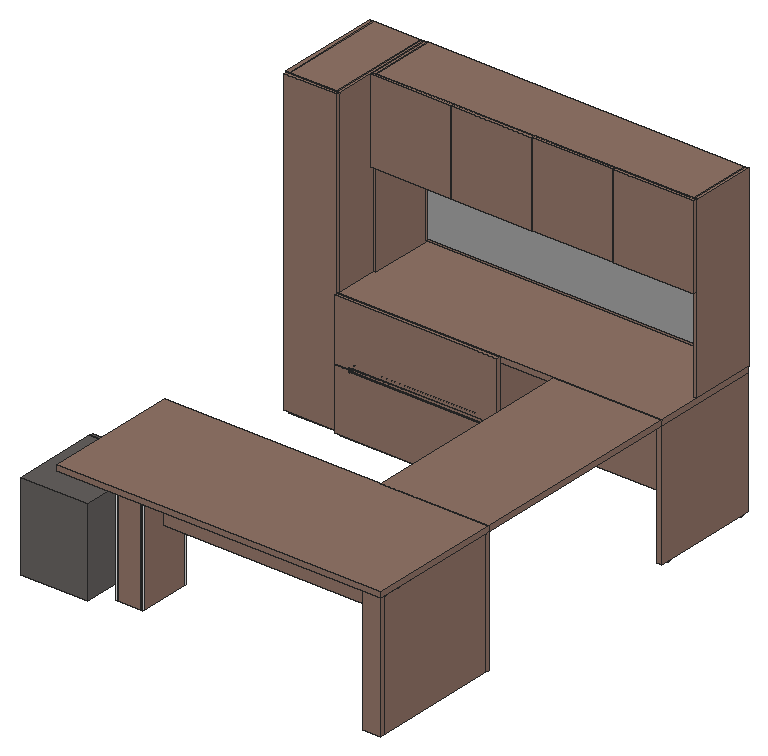
Revit family "OFS TYPICAL T100002", category Furniture, Revit 2022
Family settings
  OmniClass Number = 23.40.20.00
  OmniClass Title = General Furniture and Specialties
  Work Plane-Based = No
  Always vertical = Yes
  Cut with Voids When Loaded = No
  Render Appearance Source = Family Geometry
  Shared = No
  Room Calculation Point = No
Parameters (values of type "T100002")
  URL = "http://ofs.com/"
  Model = "T100002"
  Manufacturer = "OFS"
  Description = "OFS TYPICAL T100002"
  Default Elevation = 0' - 0"
  Copyright © = "©OFS 2024"
  Catalog = ""
  Authoring Version = "Autodesk Revit 2018"
  Assembly Code = "E2020200"
Reference planes (in)
  plane 1 "Center Front/Back": y = 0
  plane 2: z = 0
  plane 3 "Center Left/Right": x = 0
Dimensions and locks (in)
  aligned and locked: level to plane 2
Nested families (in)
  nested 1: "OFS SLATE STORAGE CABINET WARDROBE" at (-12, 0, 0), type "Storage Cabinet-Wardrobe 24.75D Left - 12W x 69H"
    with Top OFS SLATE Dark Wood, Right no, Left yes, Glides OFS SLATE Black Plastic, Door OFS SLATE Dark Wood, Case OFS SLATE Dark Wood, Base OFS SLATE Dark Wood
  nested 2: "OFS SLATE MOBILE PEDESTAL" at (3, -97, 0) x (-1, 0, 0) z (0, 0, 1), type "Mobile Pedestal"
    with Pedestal OFS SLATE Black Wood, Door OFS SLATE Black Wood, Casters OFS SLATE Black Plastic
  nested 3: "OFS SLATE BRIDGES" at (48, -72, 0) x (0, 1, 0) z (0, 0, 1), type "48 Bridge Top"
    with Top OFS SLATE Dark Wood, Panel OFS SLATE Dark Wood
  nested 4: "OFS SLATE TACKBOARDS" at (0.0625, 0, 0), type "Tackboard 72W x 19D"
    with Elevation 2' - 6 1/2", Board OFS SLATE White Fabric
  nested 5: "OFS SLATE CREDENZA SINGLE LATERAL FILE" at (72, -24, 0), type "Credenza Single Lateral 72W Left, 36 file"
    with Top OFS SLATE Dark Wood, Panel OFS SLATE Dark Wood, Mount Panel OFS SLATE Dark Wood, Glides OFS SLATE Black Plastic, Drawers OFS SLATE Dark Wood, Case OFS SLATE Dark Wood, Base OFS SLATE Dark Wood
  nested 6: "OFS SLATE PENINSULA WORKTABLE WITH POST BASE" at (72, -102, 0) x (-1, 0, 0) z (0, 0, 1), type "Rectangular Right - 72"W x 30"D"
    with Top OFS Dark Wood, Panel OFS Dark Wood, Mid Panel OFS Dark Wood, Glides OFS Black Plastic, Case OFS Dark Wood, Base Support Wood OFS Dark Wood, Base Support Metal OFS Metal Chrome
  nested 7: "OFS SLATE HIGHBACK ORGANIZER" at (0, 0, 0), type "Highback Organizer 4 Doors 72W x 40H - 1 High"
    with Top OFS SLATE Dark Wood, Show Doors yes, Panel OFS SLATE Dark Wood, Elevation 2' - 5 1/4", Doors OFS SLATE Dark Wood, Center Doors no, Base Panel OFS SLATE Dark Wood, Base OFS SLATE Dark Wood, Back OFS SLATE Dark Wood
Definition of nested family "OFS SLATE STORAGE CABINET WARDROBE"
  Parameters (values of type "Storage Cabinet-Wardrobe 18D Left - 12W x 69H")
    Width = 1' - 0"
    URL = "http://www.ofs.com/"
    Top [instance] = none
    Right [instance] = no
    Model = "CA-121869LSW"
    Manufacturer = "CAROLINA"  # constant formula
    Left [instance] = yes
    Height = 5' - 9"
    Glides [instance] = none
    Door [instance] = none
    Description = "OFS SLATE Storage Cabinet/Wardrobe Left 12W x 18D x 68.75H, Slate Private Office"
    Depth = 1' - 6"
    Default Elevation = 0' - 0"
    Copyright © = "© 2019 OFS"  # constant formula
    Catalog = "https://ofs.com/products/tables/conference/slate"  # constant formula
    Case [instance] = none
    Base [instance] = none
    Authoring Version = "Autodesk Revit Architecture 2014"  # constant formula
    Assembly Code = "E2020200"
  Types (16): name | Width | Right | Model | Left | Height | Description | Depth
    Storage Cabinet-Wardrobe 24.75D Left - 18W x 81H | 1' - 6" | no | "CA-18481LSW" | yes | 6' - 9" | "OFS SLATE Storage Cabinet/Wardrobe Left 18W x 24.75D x 80.75H, Slate Private Office" | 2' - 0"
    Storage Cabinet-Wardrobe 24.75D Left - 12W x 81H | 1' - 0" | no | "CA-122481LSW" | yes | 6' - 9" | "OFS SLATE Storage Cabinet/Wardrobe Left 12W x 24.75D x 80.75H, Slate Private Office" | 2' - 0"
    Storage Cabinet-Wardrobe 24.75D Left - 18W x 69H | 1' - 6" | no | "CA-182469LSW" | yes | 5' - 9" | "OFS SLATE Storage Cabinet/Wardrobe Left 18W x 24.75D x 68.75H, Slate Private Office" | 2' - 0"
    Storage Cabinet-Wardrobe 24.75D Left - 12W x 69H | 1' - 0" | no | "CA-122469LSW" | yes | 5' - 9" | "OFS SLATE Storage Cabinet/Wardrobe Left 12W x 24.75D x 68.75H, Slate Private Office" | 2' - 0"
    Storage Cabinet-Wardrobe 24.75D Right - 18W x 81H | 1' - 6" | yes | "CA-182481RSW" | no | 6' - 9" | "OFS SLATE Storage Cabinet/Wardrobe Right 18W x 24.75D x 80.75H, Slate Private Office" | 2' - 0"
    Storage Cabinet-Wardrobe 24.75D Right - 12W x 81H | 1' - 0" | yes | "CA-122481RSW" | no | 6' - 9" | "OFS SLATE Storage Cabinet/Wardrobe Right 12W x 24.75D x 80.75H, Slate Private Office" | 2' - 0"
    Storage Cabinet-Wardrobe 24.75D Right - 18W x 69H | 1' - 6" | yes | "CA-182469RSW" | no | 5' - 9" | "OFS SLATE Storage Cabinet/Wardrobe Right 18W x 24.75D x 68.75H, Slate Private Office" | 2' - 0"
    Storage Cabinet-Wardrobe 24.75D Right - 12W x 69H | 1' - 0" | yes | "CA-122469RSW" | no | 5' - 9" | "OFS SLATE Storage Cabinet/Wardrobe Right 12W x 24.75D x 68.75H, Slate Private Office" | 2' - 0"
    Storage Cabinet-Wardrobe 18D Left - 18W x 81H | 1' - 6" | no | "CA-181881LSW" | yes | 6' - 9" | "OFS SLATE Storage Cabinet/Wardrobe Left 18W x 18D x 80.75H, Slate Private Office" | 1' - 6"
    Storage Cabinet-Wardrobe 18D Left - 12W x 81H | 1' - 0" | no | "CA-121881LSW" | yes | 6' - 9" | "OFS SLATE Storage Cabinet/Wardrobe Left 12W x 18D x 80.75H, Slate Private Office" | 1' - 6"
    Storage Cabinet-Wardrobe 18D Left - 18W x 69H | 1' - 6" | no | "CA-181869LSW" | yes | 5' - 9" | "OFS SLATE Storage Cabinet/Wardrobe Left 18W x 18D x 68.75H, Slate Private Office" | 1' - 6"
    Storage Cabinet-Wardrobe 18D Left - 12W x 69H | 1' - 0" | no | "CA-121869LSW" | yes | 5' - 9" | "OFS SLATE Storage Cabinet/Wardrobe Left 12W x 18D x 68.75H, Slate Private Office" | 1' - 6"
    Storage Cabinet-Wardrobe 18D Right - 18W x 81H | 1' - 6" | yes | "CA-181881RSW" | no | 6' - 9" | "OFS SLATE Storage Cabinet/Wardrobe Right 18W x 18D x 80.75H, Slate Private Office" | 1' - 6"
    Storage Cabinet-Wardrobe 18D Right - 12W x 81H | 1' - 0" | yes | "CA-121881RSW" | no | 6' - 9" | "OFS SLATE Storage Cabinet/Wardrobe Right 12W x 18D x 80.75H, Slate Private Office" | 1' - 6"
    Storage Cabinet-Wardrobe 18D Right - 18W x 69H | 1' - 6" | yes | "CA-181869RSW" | no | 5' - 9" | "OFS SLATE Storage Cabinet/Wardrobe Right 18W x 18D x 68.75H, Slate Private Office" | 1' - 6"
    Storage Cabinet-Wardrobe 18D Right - 12W x 69H | 1' - 0" | yes | "CA-121869RSW" | no | 5' - 9" | "OFS SLATE Storage Cabinet/Wardrobe Right 12W x 18D x 68.75H, Slate Private Office" | 1' - 6"
  Reference planes (in)
    plane 1 "Center (Front/Back)": y = 0
    plane 2: z = 0
    plane 3 "Center (Left/Right)": x = 0
    plane 4: x = 12
    plane 5: x = 6
    plane 6: y = -18
    plane 7: y = -21.66451
    plane 8: z = 68.7
    plane 9: z = 68.6375
    plane 10: z = 67.95
    plane 11: z = 1.7625
    plane 12: z = 2.45
    plane 13: z = 1.7
    plane 14: z = 0.45
    plane 15: z = 69
  Dimensions and locks (in)
    "Width": plane 3 "Center (Left/Right)" to plane 4
    equal spacing: plane 3 "Center (Left/Right)", plane 5, plane 4
    plane 15 to plane 8 to plane 9 to plane 10 = 0' - 0.3" locked, 0' - 0 1/16" locked, 0' - 0 11/16" locked
    plane 12 to plane 11 to plane 13 to plane 14 to level = 0' - 0 11/16" locked, 0' - 0 1/16" locked, 0' - 1 1/4" locked, 0' - 0.45" locked
    "Height": plane 15 to level
    equal spacing: nested 3, nested 4, plane 3 "Center (Left/Right)"
    locked: plane 7 to plane 6 at 3.66451
    "Depth": plane 6 to plane 1 "Center (Front/Back)"
    aligned and locked: level to plane 2
    aligned and locked: nested 1 to plane 7
    aligned and locked: plane 5 to nested 1
    aligned and locked: nested 4 to plane 7
  Nested families (in)
    nested 1: "Tag" at (6, -21.66451, 0) x (-1, 0, 0) z (0, 0, 1), visible <- "Left", type "Center", detail levels fine
      with Offset (LR) 0' - 0", Distance of Center (not Change) 0' - 0.11"
    nested 2: "OFS_Slate Private Office_Storage_Cabinet_Wardrobe" at (0, 0, 0), Top <- "Top", Glides <- "Glides", Drawers <- "Door", Case <- "Case", Base <- "Base", visible <- "Left", type "OFS_Slate Private Office_Storage_Cabinet_Wardrobe"
      with Top none, Right no, Left yes, Glides none, Drawers none, Case none, Base none
    nested 3: "OFS_Slate Private Office_Storage_Cabinet_Wardrobe" at (0, 0, 0) x (-1, 0, 0) z (0, 0, 1), Top <- "Top", Glides <- "Glides", Drawers <- "Door", Case <- "Case", Base <- "Base", visible <- "Right", type "OFS_Slate Private Office_Storage_Cabinet_Wardrobe"
      with Top none, Right no, Left yes, Glides none, Drawers none, Case none, Base none
    nested 4: "Tag" at (-6, -21.66451, 0), visible <- "Right", type "Center", detail levels fine
      with Offset (LR) 0' - 0", Distance of Center (not Change) 0' - 0.11"
  Definition of nested family "OFS_Slate Private Office_Storage_Cabinet_Wardrobe"
    Parameters
      Width = 1' - 0"
      URL = "http://www.ofsbrands.com/"
      Top [instance] = none
      Right [instance] = no
      Model = "Type Catalog"
      Manufacturer = "OFS BRANDS"  # constant formula
      Left [instance] = yes
      Height = 5' - 9"
      Glides [instance] = none
      Drawers [instance] = none
      Description = "Type Catalog"
      Depth = 1' - 6"
      Default Elevation = 0' - 0"
      Copyright © = "© 2016 OFS BRANDS"  # constant formula
      Catalog = "OFS"  # constant formula
      Case [instance] = none
      Base [instance] = none
      Authoring Version = "Autodesk Revit Architecture 2014"  # constant formula
      Assembly Code = "E2020200"
    Reference planes (in)
      plane 1 "Center (Front/Back)": y = 0
      plane 2: z = 0
      plane 3 "Center (Left/Right)": x = 0
      plane 4: x = 12
      plane 5: x = 6
      plane 6: y = -0.75
      plane 7: y = -1.37544
      plane 8: y = -18
      plane 9: y = -17.25
      plane 10: y = -16.375
      plane 11: y = -14.99956
      plane 12: y = -15.625
      plane 13: y = -21.66451
      plane 14: x = 0.75
      plane 15: x = 2.25
      plane 16: x = 9.75
      plane 17: x = 11.25
      plane 18: z = 68.7
      plane 19: z = 68.6375
      plane 20: z = 67.95
      plane 21: z = 1.7625
      plane 22: z = 2.45
      plane 23: z = 1.7
      plane 24: z = 0.45
      plane 25: z = 69
    Forms (in)
      Revolve 1, solid, material <- "Glides"
        sketch origin (14.86463, -1.37544, 140) x (1, 0, 0) y (0, 0, 1)
          loop
            line (-13.47373, -139.55) -> (-13.72373, -139.55) -> (-13.72373, -139.74756) -> (-13.76241, -139.74756)
            arc (-13.76241, -139.74756) -> (-13.84683, -139.89216) -> (-13.71873, -140) r 0.13
            line (-13.71873, -140) -> (-13.47373, -140) -> (-13.47373, -139.55)
          axis (-13.47373, -139.55) -> (-13.47373, -140)
        angle from 0 to 360
      Revolve 2, solid, material <- "Glides"
        sketch origin (-2.86463, -1.37544, 140) x (-1, 0, 0) y (0, 0, -1)
          loop
            line (-13.47373, 139.55) -> (-13.47373, 140) -> (-13.71873, 140)
            arc (-13.71873, 140) -> (-13.84683, 139.89216) -> (-13.76241, 139.74756) r 0.13
            line (-13.76241, 139.74756) -> (-13.72373, 139.74756) -> (-13.72373, 139.55) -> (-13.47373, 139.55)
          axis (-13.47373, 139.55) -> (-13.47373, 140)
        angle from 0 to 360
      Revolve 3, solid, material <- "Glides"
        sketch origin (14.86463, -14.99956, 140) x (1, 0, 0) y (0, 0, 1)
          loop
            line (-13.47373, -139.55) -> (-13.72373, -139.55) -> (-13.72373, -139.74756) -> (-13.76241, -139.74756)
            arc (-13.76241, -139.74756) -> (-13.84683, -139.89216) -> (-13.71873, -140) r 0.13
            line (-13.71873, -140) -> (-13.47373, -140) -> (-13.47373, -139.55)
          axis (-13.47373, -139.55) -> (-13.47373, -140)
        angle from 0 to 360
      Revolve 4, solid, material <- "Glides"
        sketch origin (14.86463, -14.99956, 140) x (1, 0, 0) y (0, 0, 1)
          loop
            line (-4.25553, -139.55) -> (-4.25553, -140) -> (-4.01053, -140)
            arc (-4.01053, -140) -> (-3.88244, -139.89216) -> (-3.96686, -139.74756) r 0.13
            line (-3.96686, -139.74756) -> (-4.00553, -139.74756) -> (-4.00553, -139.55) -> (-4.25553, -139.55)
          axis (-4.25553, -139.55) -> (-4.25553, -140)
        angle from 0 to 360
      Extrusion 5, solid, material <- "Case"
        sketch origin (-18.37457, -60, 0.45) x (-1, 0, 0) y (0, -1, 0)
          loop
            line (-19.12457, -59.25) -> (-19.12457, -57.75) -> (-20.62457, -57.75) -> (-20.62457, -59.25) -> (-19.12457, -59.25)
          loop
            line (-28.12457, -59.25) -> (-28.12457, -57.75) -> (-29.62457, -57.75) -> (-29.62457, -59.25) -> (-28.12457, -59.25)
          loop
            line (-19.12457, -44.375) -> (-20.62457, -44.375) -> (-20.62457, -45.875) -> (-19.12457, -45.875) -> (-19.12457, -44.375)
          loop
            line (-28.12457, -44.375) -> (-29.62457, -44.375) -> (-29.62457, -45.875) -> (-28.12457, -45.875) -> (-28.12457, -44.375)
        from 0 to 1.25
      Sweep 6, solid, material <- "Case"
        path origin (-18.37457, -60, 0.45) x (-1, 0, 0) y (0, -1, 0)
          loop
            line (-19.12457, -60) -> (-19.12457, -44.375) -> (-29.62457, -44.375) -> (-29.62457, -60)
        profile origin (6, -15.625, 0.45) x (0, 1, 0) y (0, 0, 1)
          loop
            line (0, 0) -> (0, 1.25) -> (-0.75, 1.25) -> (-0.75, 0) -> (0, 0)
      Extrusion 7, solid, material <- "Case"
        sketch origin (0, 0, 0) x (1, 0, 0) y (0, 0, 1)
          loop
            line (0, 1.7) -> (0.75, 1.7) -> (0.75, 68.7) -> (0, 68.7) -> (0, 1.7)
          loop
            line (12, 1.7) -> (12, 68.7) -> (11.25, 68.7) -> (11.25, 1.7) -> (12, 1.7)
        from 0 to 17.25
      Extrusion 8, solid, material <- "Drawers"
        sketch origin (-3.04745, -18, 140) x (-1, 0, 0) y (0, 0, 1)
          loop
            line (-14.98502, -138.2375) -> (-3.10988, -138.2375) -> (-3.10988, -71.3625) -> (-14.98502, -71.3625) -> (-14.98502, -138.2375)
        from 0 to 0.75
      Extrusion 9, solid, material <- "Top"
        sketch origin (0.75, 2.87053, 140) x (0, 1, 0) y (0, 0, 1)
          loop
            line (-2.87053, -71.3) -> (-20.12053, -71.3) -> (-20.12053, -72.05) -> (-2.87053, -72.05) -> (-2.87053, -71.3)
        from 0 to 10.5
      Extrusion 10, solid, material <- "Base"
        sketch origin (0.75, 2.87053, 140) x (0, 1, 0) y (0, 0, 1)
          loop
            line (-3.62053, -137.55) -> (-20.12053, -137.55) -> (-20.12053, -138.3) -> (-3.62053, -138.3) -> (-3.62053, -137.55)
        from 0 to 10.5
      Extrusion 11, solid, material <- "Case"
        sketch origin (-18.37457, -60, 0.45) x (-1, 0, 0) y (0, -1, 0)
          loop
            line (-19.12457, -60) -> (-19.12457, -59.25) -> (-29.62457, -59.25) -> (-29.62457, -60) -> (-19.12457, -60)
        from 0 to 67.5
    Cuts and joins
      joined: Sweep 6, Extrusion 7
      joined: Revolve 1, Revolve 2, Revolve 3, Revolve 4
    Lines and regions (in)
      Masking region 1
        outline origin (-18.37457, -60, 68.7) x (-1, 0, 0) y (0, -1, 0)
          loop
            line (-18.37457, -60) -> (-18.37457, -42) -> (-30.37457, -42) -> (-30.37457, -60) -> (-18.37457, -60)
      symbolic lines, detail levels medium+fine
        curve 1: line (0, -18, 68.7) -> (12, -21.66451, 68.7)
        curve 2: line (12, -21.66451, 68.7) -> (12, -18, 68.7)
    Dimensions and locks (in)
      "Width": plane 3 "Center (Left/Right)" to plane 4
      equal spacing: plane 3 "Center (Left/Right)", plane 5, plane 4
      plane 3 "Center (Left/Right)" to plane 14 to plane 15 = 0' - 0 3/4" locked, 0' - 1 1/2" locked
      plane 16 to plane 17 to plane 4 = 0' - 1 1/2" locked, 0' - 0 3/4" locked
      plane 13 to plane 8 to plane 9 to plane 10 to plane 12 to plane 11 = 0' - 3.66451" locked, 0' - 0 3/4" locked, 0' - 0 7/8" locked, 0' - 0 3/4" locked, 0' - 0.62544" locked
      plane 7 to plane 6 to plane 1 "Center (Front/Back)" = 0' - 0.62544" locked, 0' - 0 3/4" locked
      "Depth": plane 8 to plane 1 "Center (Front/Back)"
      plane 25 to plane 18 to plane 19 to plane 20 = 0' - 0.3" locked, 0' - 0 1/16" locked, 0' - 0 11/16" locked
      plane 22 to plane 21 to plane 23 to plane 24 to level = 0' - 0 11/16" locked, 0' - 0 1/16" locked, 0' - 1 1/4" locked, 0' - 0.45" locked
      "Height": plane 25 to level
      aligned and locked: level to plane 2
      aligned and locked: Extrusion 5 sketch curve to plane 6  (x2)
      aligned and locked: plane 14 to Extrusion 5 sketch curve
      aligned and locked: Extrusion 5 sketch curve to plane 15
      aligned and locked: plane 16 to Extrusion 5 sketch curve
      aligned and locked: plane 17 to Extrusion 5 sketch curve
      aligned and locked: Extrusion 5 sketch curve to plane 12  (x2)
      aligned and locked: Extrusion 5 sketch curve to plane 14
      aligned and locked: plane 15 to Extrusion 5 sketch curve
      aligned and locked: Extrusion 5 sketch curve to plane 16
      aligned and locked: Extrusion 5 sketch curve to plane 17
      aligned and locked: plane 23 to Extrusion 5
      aligned and locked: Sweep 6 sketch curve to plane 12
      aligned and locked: plane 18 to Extrusion 7 sketch curve
      aligned and locked: Extrusion 7 sketch curve to plane 3 "Center (Left/Right)"
      aligned and locked: plane 14 to Extrusion 7 sketch curve
      aligned and locked: Extrusion 7 sketch curve to plane 18
      aligned and locked: Extrusion 7 sketch curve to plane 17
      aligned and locked: Extrusion 7 sketch curve to plane 4
      aligned and locked: plane 9 to Extrusion 7
      aligned and locked: plane 19 to Extrusion 8 sketch curve
      aligned and locked: plane 21 to Extrusion 8 sketch curve
      aligned and locked: Extrusion 9 sketch curve to plane 9
      aligned and locked: Extrusion 9 sketch curve to plane 18
      aligned and locked: plane 20 to Extrusion 9 sketch curve
      aligned and locked: plane 1 "Center (Front/Back)" to Extrusion 9 sketch curve
      aligned and locked: Extrusion 10 sketch curve to plane 22
      aligned and locked: Extrusion 10 sketch curve to plane 6
      aligned and locked: Extrusion 10 to plane 17
      aligned and locked: Extrusion 11 sketch curve to Extrusion 10
      aligned and locked: plane 20 to Extrusion 11
      aligned and locked: Extrusion 9 to plane 17
      aligned and locked: plane 14 to Sweep 6 sketch curve
      aligned and locked: plane 17 to Sweep 6 sketch curve
      aligned and locked: Extrusion 11 to plane 24
      aligned and locked: Masking region 1 sketch curve to plane 4
      aligned and locked: plane 3 "Center (Left/Right)" to Masking region 1 sketch curve
      aligned and locked: plane 1 "Center (Front/Back)" to Masking region 1 sketch curve
      aligned and locked: plane 8 to Masking region 1 sketch curve
      aligned and locked: plane 13 to curve 1
      aligned and locked: plane 4 to curve 1
      aligned and locked: plane 3 "Center (Left/Right)" to curve 1
      aligned and locked: plane 8 to curve 1
      aligned and locked: plane 8 to curve 2
      aligned and locked: Extrusion 7 sketch curve to plane 23
      aligned and locked: plane 23 to Extrusion 7 sketch curve
      aligned and locked: plane 1 "Center (Front/Back)" to Sweep 6 sketch curve  (x2)
    Automatic sketch dimensions
      Revolve 1 sketch curve to plane 24 = 0' - 0"
      Revolve 1 sketch curve to level = 0' - 0"
      Revolve 1 sketch curve to plane 24 = 0' - 0.19756"
      plane 14 to Revolve 1 sketch curve = 0' - 0.35223"
      Revolve 1 sketch curve to Revolve 1 sketch curve = 0' - 0.03868"
      Revolve 1 sketch curve to Revolve 1 sketch curve = 0' - 0.005"
      Revolve 1 sketch curve to Revolve 1 sketch curve = 0' - 0.245"
      Revolve 1 sketch curve to Revolve 1 sketch curve = 0' - 0"
      Revolve 1 sketch curve to level = 0' - 0.14265"
      Revolve 1 sketch curve to Revolve 1 sketch curve = 0' - 0.19756"
      Revolve 2 sketch curve to plane 24 = 0' - 0"
      Revolve 2 sketch curve to level = 0' - 0"
      Revolve 2 sketch curve to plane 24 = 0' - 0.19756"
      plane 17 to Revolve 2 sketch curve = 0' - 0.35223"
      Revolve 2 sketch curve to Revolve 2 sketch curve = 0' - 0.03868"
      Revolve 2 sketch curve to Revolve 2 sketch curve = 0' - 0.005"
      Revolve 2 sketch curve to Revolve 2 sketch curve = 0' - 0.245"
      Revolve 2 sketch curve to Revolve 2 sketch curve = 0' - 0"
      Revolve 2 sketch curve to Revolve 2 sketch curve = 0' - 0.19756"
      Revolve 2 sketch curve to level = 0' - 0.14265"
      Revolve 3 sketch curve to plane 24 = 0' - 0"
      Revolve 3 sketch curve to level = 0' - 0"
      Revolve 3 sketch curve to plane 24 = 0' - 0.19756"
      plane 14 to Revolve 3 sketch curve = 0' - 0.35223"
      Revolve 3 sketch curve to Revolve 3 sketch curve = 0' - 0.03868"
      Revolve 3 sketch curve to Revolve 3 sketch curve = 0' - 0.005"
      Revolve 3 sketch curve to Revolve 3 sketch curve = 0' - 0.245"
      Revolve 3 sketch curve to Revolve 3 sketch curve = 0' - 0"
      Revolve 3 sketch curve to level = 0' - 0.14265"
      Revolve 3 sketch curve to Revolve 3 sketch curve = 0' - 0.19756"
      Revolve 4 sketch curve to plane 24 = 0' - 0"
      Revolve 4 sketch curve to level = 0' - 0"
      plane 17 to Revolve 4 sketch curve = 0' - 0.6409"
      Revolve 4 sketch curve to Revolve 4 sketch curve = 0' - 0.245"
      Revolve 4 sketch curve to Revolve 4 sketch curve = 0' - 0.005"
      Revolve 4 sketch curve to Revolve 4 sketch curve = 0' - 0.03868"
      Revolve 4 sketch curve to Revolve 4 sketch curve = 0' - 0.13"
      Revolve 4 sketch curve to Revolve 4 sketch curve = 0' - 0"
      Revolve 4 sketch curve to level = 0' - 0.14265"
      Revolve 4 sketch curve to Revolve 4 sketch curve = 0' - 0.19756"
      plane 7 to Extrusion 5 sketch curve = 0' - 0.87456"  (x2)
      Extrusion 5 sketch curve to plane 11 = 0' - 0.87456"  (x2)
      Sweep 6 sketch curve to plane 24 = 0' - 0"
      Sweep 6 sketch curve to profile plane = 0' - 0"
      profile plane to Sweep 6 sketch curve = 0' - 0 3/4"
      Sweep 6 sketch curve to Sweep 6 sketch curve = 0' - 1 1/4"
      Extrusion 8 sketch curve to plane 4 = 0' - 0.06243"
      plane 3 "Center (Left/Right)" to Extrusion 8 sketch curve = 0' - 0.06243"
      Extrusion 11 sketch curve to plane 6 = 0' - 0"
      Extrusion 10 sketch curve to plane 9 = 0' - 0"
      Extrusion 10 sketch curve to plane 23 = 0' - 0"
      Extrusion 11 sketch curve to plane 14 = 0' - 0"
      plane 1 "Center (Front/Back)" to Extrusion 11 sketch curve = 0' - 0"
  Definition of nested family "Tag"
    Parameters
      P_Width = 0' - 0"
      Text_Width = "Empty"
      Text_Height = "Empty"
      Text_Diameter = "Empty"
      Text_Depth = "Empty"
      Offset (LR) [instance] = 0' - 0"
      Model Name = "Type Catalog"
      P_Height = 0' - 0"
      Distance of Center (not Change) = 0' - 0.1"
      P_Diameter = 0' - 0"
      P_Depth = 0' - 0"
    Reference planes (in)
      plane 1: y = 0
      plane 2: x = 0
    Lines and regions (in)
      reference lines
        curve 1: line (-0.44359, 0.1, 0) -> (0.41085, 0.1, 0)
        curve 3: line (0, 0.42564, 0) -> (0, -0.30221, 0)
      reference lines, not visible
        curve 2: line (-0.44359, 0.09843, 0) -> (0.41085, 0.09843, 0)
        curve 4: line (0, 0.42407, 0) -> (0, -0.30379, 0)
    Text (in)
      label "Empty" at (0.00197, 0.0921, 0), shows "Model Name"
      label "Empty" at (0.00197, 0.09052, 0), shows "Model Name", not visible
    Dimensions and locks (in)
      "Distance of Center (not Change)": plane 1 to curve 1
      "Offset (LR)": curve 3 to plane 2
    Automatic sketch dimensions
      curve 1 to curve 3 = 0' - 0.44359"
      curve 3 to curve 1 = 0' - 0.41085"
      curve 3 to curve 1 = 0' - 0.40221"
      curve 1 to curve 3 = 0' - 0.32564"
      curve 2 to curve 4 = 0' - 0.44359"
      curve 4 to curve 2 = 0' - 0.41085"
      curve 4 to curve 2 = 0' - 0.40221"
      curve 2 to curve 4 = 0' - 0.32564"
Definition of nested family "OFS SLATE MOBILE PEDESTAL"
  Parameters (values of type "Mobile Pedestal")
    URL = "http://www.ofs.com/"
    Type = 1
    Pedestal [instance] = none
    Model = "CA-1520MP"
    Manufacturer = "CAROLINA"
    Default Elevation = 0' - 0"
    Casters [instance] = none
    Door [instance] = none
    Description = "Mobile Pedestal"
    Central_Pull = 0' - 9.8"  # constant formula
    Copyright © = "© 2019 OFS"
    Catalog = "https://ofs.com/products/tables/conference/slate"
    Authoring Version = "Autodesk Revit Architecture 2014"
    Assembly Code = "E2020200"
  Reference planes (in)
    plane 1 "Center (Front/Back)": y = 0
    plane 2: z = 0
    plane 3 "Center (Left/Right)": x = 0
    plane 4: z = 23
    plane 5: x = 15
    plane 6: y = -20
  Forms (in)
    Extrusion 1, solid, material <- "Pedestal"
      sketch origin (0, 0, 0) x (1, 0, 0) y (0, 0, 1)
        loop
          line (15, 1) -> (15, 20.29757) -> (0, 20.29757) -> (0, 1) -> (15, 1)
      from 0 to 19.25
    Extrusion 2, void
      sketch origin (0, 0, -1.60625) x (1, 0, 0) y (0, 0, 1)
        loop
          line (11.36978, 16.01586) -> (3.61959, 16.00186)
          arc (3.61959, 16.00186) -> (3.04516, 15.42639) -> (3.61959, 14.85091) r 0.57547
          line (3.61959, 14.85091) -> (11.36978, 14.83691)
          arc (11.36978, 14.83691) -> (11.96032, 15.42639) -> (11.36978, 16.01586) r 0.58948
      from 19.52344 to 29.1384
    Extrusion 3, void
      sketch origin (0, 0, -1.60625) x (1, 0, 0) y (0, 0, 1)
        loop
          line (8.27547, 15.48125) -> (-1.75, 15.48125) -> (-1.75, 15.35625) -> (8.20104, 15.35625) -> (18.75, 15.35625) -> (18.75, 15.48125) -> (8.27547, 15.48125)
      from 19.1375 to 29.1384
    Extrusion 4, solid, material <- "Door"
      sketch origin (0, 0, 0) x (1, 0, 0) y (0, 0, 1)
        loop
          line (15, 1) -> (15, 20.29757) -> (0, 20.29757) -> (0, 1) -> (15, 1)
      from 20 to 19.25
    Extrusion 5, solid, material <- "Casters"
      sketch origin (0, 0, 0) x (0, 1, 0) y (0, 0, 1)
        loop
          circle (-2.46807, 0.94006) r 0.94006
      from 1.18847 to 1.68327
    Extrusion 6, solid, material <- "Casters"
      sketch origin (1.03907, 0, 0) x (0, 1, 0) y (0, 0, 1)
        loop
          circle (-2.46807, 0.94006) r 0.94006
      from 1.18847 to 1.68327
    Extrusion 7, solid, material <- "Casters"
      sketch origin (1.03907, 0, 0) x (0, 1, 0) y (0, 0, 1)
        loop
          arc (-1.52801, 0.94006) -> (-2.46807, 1.88012) -> (-3.40813, 0.94006) r 0.94006
          line (-3.40813, 0.94006) -> (-1.52801, 0.94006)
      from 0.64419 to 1.18846
    Extrusion 8, solid, material <- "Casters"
      sketch origin (11.06369, 0, 0) x (0, 1, 0) y (0, 0, 1)
        loop
          circle (-2.46807, 0.94006) r 0.94006
      from 1.18847 to 1.68327
    Extrusion 9, solid, material <- "Casters"
      sketch origin (12.10277, 0, 0) x (0, 1, 0) y (0, 0, 1)
        loop
          circle (-2.46807, 0.94006) r 0.94006
      from 1.18847 to 1.68327
    Extrusion 10, solid, material <- "Casters"
      sketch origin (12.10277, 0, 0) x (0, 1, 0) y (0, 0, 1)
        loop
          arc (-1.52801, 0.94006) -> (-2.46807, 1.88012) -> (-3.40813, 0.94006) r 0.94006
          line (-3.40813, 0.94006) -> (-1.52801, 0.94006)
      from 0.64419 to 1.18846
    Extrusion 11, solid, material <- "Casters"
      sketch origin (11.06369, -15, 0) x (0, 1, 0) y (0, 0, 1)
        loop
          circle (-2.46807, 0.94006) r 0.94006
      from 1.18847 to 1.68327
    Extrusion 12, solid, material <- "Casters"
      sketch origin (12.10277, -15, 0) x (0, 1, 0) y (0, 0, 1)
        loop
          circle (-2.46807, 0.94006) r 0.94006
      from 1.18847 to 1.68327
    Extrusion 13, solid, material <- "Casters"
      sketch origin (12.10277, -15, 0) x (0, 1, 0) y (0, 0, 1)
        loop
          arc (-1.52801, 0.94006) -> (-2.46807, 1.88012) -> (-3.40813, 0.94006) r 0.94006
          line (-3.40813, 0.94006) -> (-1.52801, 0.94006)
      from 0.64419 to 1.18846
    Extrusion 14, solid, material <- "Casters"
      sketch origin (0, -15, 0) x (0, 1, 0) y (0, 0, 1)
        loop
          circle (-2.46807, 0.94006) r 0.94006
      from 1.18847 to 1.68327
    Extrusion 15, solid, material <- "Casters"
      sketch origin (1.03907, -15, 0) x (0, 1, 0) y (0, 0, 1)
        loop
          circle (-2.46807, 0.94006) r 0.94006
      from 1.18847 to 1.68327
    Extrusion 16, solid, material <- "Casters"
      sketch origin (1.03907, -15, 0) x (0, 1, 0) y (0, 0, 1)
        loop
          arc (-1.52801, 0.94006) -> (-2.46807, 1.88012) -> (-3.40813, 0.94006) r 0.94006
          line (-3.40813, 0.94006) -> (-1.52801, 0.94006)
      from 0.64419 to 1.18846
  Cuts and joins
    Extrusion 2, Extrusion 3 cuts Extrusion 4
  Lines and regions (in)
    Masking region 1
      outline origin (0, 0, 0) x (1, 0, 0) y (0, 1, 0)
        loop
          line (15, -20) -> (15, 0) -> (0, 0) -> (0, -20) -> (15, -20)
    symbolic lines, detail levels medium+fine
      curve 1: line (1.18847, -1.52801, 0) -> (1.68327, -1.52801, 0)
      curve 2: line (1.18847, -3.40813, 0) -> (1.18847, -1.52801, 0)
      curve 3: line (1.68327, -3.40813, 0) -> (1.18847, -3.40813, 0)
      curve 4: line (1.68327, -1.52801, 0) -> (1.68327, -3.40813, 0)
      curve 5: line (2.72234, -1.52801, 0) -> (2.22755, -1.52801, 0)
      curve 6: line (2.72234, -3.40813, 0) -> (2.72234, -1.52801, 0)
      curve 7: line (2.22755, -3.40813, 0) -> (2.72234, -3.40813, 0)
      curve 8: line (2.22755, -1.52801, 0) -> (2.22755, -3.40813, 0)
      curve 9: line (12.25217, -1.52801, 0) -> (12.74696, -1.52801, 0)
      curve 10: line (12.25217, -3.40813, 0) -> (12.25217, -1.52801, 0)
      curve 11: line (12.74696, -3.40813, 0) -> (12.25217, -3.40813, 0)
      curve 12: line (12.74696, -1.52801, 0) -> (12.74696, -3.40813, 0)
      curve 13: line (13.78603, -1.52801, 0) -> (13.29124, -1.52801, 0)
      curve 14: line (13.78603, -3.40813, 0) -> (13.78603, -1.52801, 0)
      curve 15: line (13.29124, -3.40813, 0) -> (13.78603, -3.40813, 0)
      curve 16: line (13.29124, -1.52801, 0) -> (13.29124, -3.40813, 0)
      curve 17: line (12.25217, -16.52801, 0) -> (12.74696, -16.52801, 0)
      curve 18: line (12.25217, -18.40813, 0) -> (12.25217, -16.52801, 0)
      curve 19: line (12.74696, -18.40813, 0) -> (12.25217, -18.40813, 0)
      curve 20: line (12.74696, -16.52801, 0) -> (12.74696, -18.40813, 0)
      curve 21: line (13.78603, -16.52801, 0) -> (13.29124, -16.52801, 0)
      curve 22: line (13.78603, -18.40813, 0) -> (13.78603, -16.52801, 0)
      curve 23: line (13.29124, -18.40813, 0) -> (13.78603, -18.40813, 0)
      curve 24: line (13.29124, -16.52801, 0) -> (13.29124, -18.40813, 0)
      curve 25: line (1.18847, -16.52801, 0) -> (1.68327, -16.52801, 0)
      curve 26: line (1.18847, -18.40813, 0) -> (1.18847, -16.52801, 0)
      curve 27: line (1.68327, -18.40813, 0) -> (1.18847, -18.40813, 0)
      curve 28: line (1.68327, -16.52801, 0) -> (1.68327, -18.40813, 0)
      curve 29: line (2.72234, -16.52801, 0) -> (2.22755, -16.52801, 0)
      curve 30: line (2.72234, -18.40813, 0) -> (2.72234, -16.52801, 0)
      curve 31: line (2.22755, -18.40813, 0) -> (2.72234, -18.40813, 0)
      curve 32: line (2.22755, -16.52801, 0) -> (2.22755, -18.40813, 0)
  Dimensions and locks (in)
    plane 4 to level = 1' - 11"
    equal spacing: plane 3 "Center (Left/Right)", nested 1, plane 5
    aligned and locked: level to plane 2
    aligned and locked: Extrusion 2 to Extrusion 3
    aligned and locked: nested 1 to plane 6
  Automatic sketch dimensions
    Extrusion 1 sketch curve to plane 3 "Center (Left/Right)" = 0' - 0"
    Extrusion 1 sketch curve to plane 5 = 0' - 0"
    level to Extrusion 1 sketch curve = 0' - 1"
    plane 4 to Extrusion 1 sketch curve = 0' - 2.70243"
    Masking region 1 sketch curve to plane 3 "Center (Left/Right)" = 0' - 0"
    plane 1 "Center (Front/Back)" to Masking region 1 sketch curve = 0' - 0"
    Masking region 1 sketch curve to plane 5 = 0' - 0"
    plane 6 to Masking region 1 sketch curve = 0' - 0"
    plane 3 "Center (Left/Right)" to Extrusion 2 sketch curve = 0' - 3.61959"
    Extrusion 2 sketch curve to Extrusion 2 sketch curve = 0' - 0"  (x2)
    Extrusion 2 sketch curve to Extrusion 2 sketch curve = 0' - 0.00104"
    Extrusion 2 sketch curve to plane 5 = 0' - 3.63022"
    Extrusion 2 sketch curve to Extrusion 2 sketch curve = 0' - 0.00107"
    plane 4 to Extrusion 2 sketch curve = 0' - 9.76934"
    Extrusion 2 sketch curve to Extrusion 2 sketch curve = 0' - 0.014"
    Extrusion 2 sketch curve to Extrusion 2 sketch curve = 0' - 0.57547"
    Extrusion 2 sketch curve to Extrusion 2 sketch curve = 0' - 0.58948"
    Extrusion 3 sketch curve to plane 3 "Center (Left/Right)" = 0' - 1 3/4"
    Extrusion 3 sketch curve to plane 5 = 0' - 6.79896"
    Extrusion 3 sketch curve to Extrusion 3 sketch curve = 0' - 0.07443"
    plane 5 to Extrusion 3 sketch curve = 0' - 3 3/4"
    plane 4 to Extrusion 3 sketch curve = 0' - 9 1/4"
    Extrusion 3 sketch curve to Extrusion 3 sketch curve = 0' - 0 1/8"
    Extrusion 4 sketch curve to plane 3 "Center (Left/Right)" = 0' - 0"
    Extrusion 4 sketch curve to plane 5 = 0' - 0"
    level to Extrusion 4 sketch curve = 0' - 1"
    plane 4 to Extrusion 4 sketch curve = 0' - 2.70243"
    level to Extrusion 5 sketch curve = 0' - 0.94006"
    plane 1 "Center (Front/Back)" to Extrusion 5 sketch curve = 0' - 2.46807"
    level to Extrusion 6 sketch curve = 0' - 0.94006"
    plane 1 "Center (Front/Back)" to Extrusion 6 sketch curve = 0' - 2.46807"
    level to Extrusion 7 sketch curve = 0' - 0.94006"
    plane 1 "Center (Front/Back)" to Extrusion 7 sketch curve = 0' - 3.40813"
    Extrusion 7 sketch curve to Extrusion 7 sketch curve = 0' - 0.94006"
    level to Extrusion 8 sketch curve = 0' - 0.94006"
    plane 1 "Center (Front/Back)" to Extrusion 8 sketch curve = 0' - 2.46807"
    level to Extrusion 9 sketch curve = 0' - 0.94006"
    plane 1 "Center (Front/Back)" to Extrusion 9 sketch curve = 0' - 2.46807"
    level to Extrusion 10 sketch curve = 0' - 0.94006"
    plane 1 "Center (Front/Back)" to Extrusion 10 sketch curve = 0' - 3.40813"
    Extrusion 10 sketch curve to Extrusion 10 sketch curve = 0' - 0.94006"
    level to Extrusion 11 sketch curve = 0' - 0.94006"
    Extrusion 11 sketch curve to plane 6 = 0' - 2.53193"
    level to Extrusion 12 sketch curve = 0' - 0.94006"
    Extrusion 12 sketch curve to plane 6 = 0' - 2.53193"
    Extrusion 13 sketch curve to plane 6 = 0' - 1.59187"
    Extrusion 13 sketch curve to Extrusion 13 sketch curve = 0' - 0.94006"
    level to Extrusion 13 sketch curve = 0' - 0.94006"
    level to Extrusion 14 sketch curve = 0' - 0.94006"
    Extrusion 14 sketch curve to plane 6 = 0' - 2.53193"
    level to Extrusion 15 sketch curve = 0' - 0.94006"
    Extrusion 15 sketch curve to plane 6 = 0' - 2.53193"
    Extrusion 16 sketch curve to plane 6 = 0' - 1.59187"
    Extrusion 16 sketch curve to Extrusion 16 sketch curve = 0' - 0.94006"
    level to Extrusion 16 sketch curve = 0' - 0.94006"
    plane 3 "Center (Left/Right)" to curve 1 = 0' - 1.18847"
    plane 3 "Center (Left/Right)" to curve 26 = 0' - 1.18847"
    curve 25 to curve 25 = 0' - 0.49479"
    curve 2 to curve 3 = 0' - 0.49479"
    curve 3 to curve 7 = 0' - 0.54428"
    curve 27 to curve 31 = 0' - 0.54428"
    curve 29 to curve 30 = 0' - 0.49479"
    curve 5 to curve 5 = 0' - 0.49479"
    curve 17 to plane 5 = 0' - 2.74783"
    curve 10 to plane 5 = 0' - 2.74783"
    curve 9 to curve 9 = 0' - 0.49479"
    curve 18 to curve 19 = 0' - 0.49479"
    curve 17 to curve 24 = 0' - 0.54428"
    curve 9 to curve 13 = 0' - 0.54428"
    curve 21 to curve 22 = 0' - 0.49479"
    curve 15 to curve 15 = 0' - 0.49479"
    curve 32 to plane 6 = 0' - 1.59187"
    curve 19 to plane 6 = 0' - 1.59187"
    curve 19 to curve 22 = 0' - 0"
    curve 28 to curve 31 = 0' - 0"
    curve 27 to curve 25 = 0' - 1.88012"
    curve 23 to curve 24 = 0' - 1.88012"
    curve 25 to curve 29 = 0' - 0"
    curve 20 to curve 21 = 0' - 0"
    plane 1 "Center (Front/Back)" to curve 16 = 0' - 3.40813"
    plane 1 "Center (Front/Back)" to curve 2 = 0' - 3.40813"
    curve 12 to curve 15 = 0' - 0"
    curve 3 to curve 6 = 0' - 0"
    plane 1 "Center (Front/Back)" to curve 9 = 0' - 1.52801"
    plane 1 "Center (Front/Back)" to curve 8 = 0' - 1.52801"
    curve 9 to curve 13 = 0' - 0"
    curve 4 to curve 5 = 0' - 0"
    radius of Extrusion 5 sketch curve = 0' - 0.94006"
    radius of Extrusion 6 sketch curve = 0' - 0.94006"
    radius of Extrusion 8 sketch curve = 0' - 0.94006"
    radius of Extrusion 9 sketch curve = 0' - 0.94006"
    radius of Extrusion 11 sketch curve = 0' - 0.94006"
    radius of Extrusion 12 sketch curve = 0' - 0.94006"
    radius of Extrusion 14 sketch curve = 0' - 0.94006"
    radius of Extrusion 15 sketch curve = 0' - 0.94006"
  Nested families (in)
    nested 1: "Tag" at (7.5, -20, 0) x (-1, 0, 0) z (0, 0, 1), type "Center", detail levels fine
      with Offset (LR) 0' - 0", Distance of Center (not Change) 0' - 0.11"
  Definition of nested family "Tag"
    Parameters
      P_Width = 0' - 0"
      Text_Width = "Empty"
      Text_Height = "Empty"
      Text_Diameter = "Empty"
      Text_Depth = "Empty"
      Offset (LR) [instance] = 0' - 0"
      Model Name = ""
      P_Height = 0' - 0"
      Distance of Center (not Change) = 0' - 0"
      P_Diameter = 0' - 0"
      P_Depth = 0' - 0"
    Reference planes (in)
      plane 1: y = 0
      plane 2: x = 0
    Lines and regions (in)
      reference lines
        curve 1: line (-0.44359, 0, 0) -> (0.41085, 0, 0)
        curve 3: line (0, 0.32564, 0) -> (0, -0.40221, 0)
      reference lines, not visible
        curve 2: line (-0.44359, 0.09843, 0) -> (0.41085, 0.09843, 0)
        curve 4: line (0, 0.42407, 0) -> (0, -0.30379, 0)
    Text (in)
      label "Empty" at (0.00197, -0.0079, 0), shows "Model Name"
      label "Empty" at (0.00197, 0.09052, 0), shows "Model Name", not visible
    Dimensions and locks (in)
      "Distance of Center (not Change)": plane 1 to curve 1
      "Offset (LR)": curve 3 to plane 2
    Automatic sketch dimensions
      curve 1 to curve 3 = 0' - 0.44359"
      curve 3 to curve 1 = 0' - 0.41085"
      curve 3 to curve 1 = 0' - 0.40221"
      curve 1 to curve 3 = 0' - 0.32564"
      curve 2 to curve 4 = 0' - 0.44359"
      curve 4 to curve 2 = 0' - 0.41085"
      curve 4 to curve 2 = 0' - 0.40221"
      curve 2 to curve 4 = 0' - 0.32564"
Definition of nested family "OFS SLATE BRIDGES"
  Parameters (values of type "84W Return Extended Bridge - Right")
    Width = 7' - 0"
    URL = "http://www.ofs.com/"
    Type = 3
    Right Extended Bridge = Type = 3  # yes
    Left Extended Bridge = Type = 4  # no
    Default Elevation = 0' - 0"
    Bridge Top = or(Type = 1, Type = 2)  # no
    Back Panel = Type = 2  # no
    Description = "OFS SLATE 84W Right Return Extended Bridge"
    Model = "CA-2484RPRS"
    Manufacturer = "CAROLINA"
    Copyright © = "© 2019 OFS"
    Catalog = "https://ofs.com/products/tables/conference/slate"
    Authoring Version = "Autodesk Revit Architecture 2014"
    Assembly Code = "E2020200"
    Top [instance] = none
    Panel [instance] = none
  Types (12): name | Width | Type | Right Extended Bridge | Left Extended Bridge | Bridge Top | Back Panel | Description | Model
    84W Return Extended Bridge - Left | 7' - 0" | 4 | no | yes | no | no | "OFS SLATE 84W Left Return Extended Bridge" | "CA-2484LPRS"
    78W Return Extended Bridge - Left | 6' - 6" | 4 | no | yes | no | no | "OFS SLATE 78W Left Return Extended Bridge" | "CA-2478LPRS"
    72W Return Extended Bridge - Left | 6' - 0" | 4 | no | yes | no | no | "OFS SLATE 72W Left Return Extended Bridge" | "CA-2472LPRS"
    66W Return Extended Bridge - Left | 5' - 6" | 4 | no | yes | no | no | "OFS SLATE 66W Left Return Extended Bridge" | "CA-2466LPRS"
    84W Return Extended Bridge - Right | 7' - 0" | 3 | yes | no | no | no | "OFS SLATE 84W Right Return Extended Bridge" | "CA-2484RPRS"
    78W Return Extended Bridge - Right | 6' - 6" | 3 | yes | no | no | no | "OFS SLATE 78W Right Return Extended Bridge" | "CA-2478RPRS"
    72W Return Extended Bridge - Right | 6' - 0" | 3 | yes | no | no | no | "OFS SLATE 72W Right Return Extended Bridge" | "CA-2472RPRS"
    66W Return Extended Bridge - Right | 5' - 6" | 3 | yes | no | no | no | "OFS SLATE 66W Right Return Extended Bridge" | "CA-2466RPRS"
    48 Bridge Top With Back Panel | 4' - 0" | 2 | no | no | yes | yes | "OFS SLATE 48W Bridge Top With Back Panel" | "CA-2448BR"
    42 Bridge Top With Back Panel | 3' - 6" | 2 | no | no | yes | yes | "OFS SLATE 42W Bridge Top With Back Panel" | "CA-2442BR"
    48 Bridge Top | 4' - 0" | 1 | no | no | yes | no | "OFS SLATE 48W Return Bridge Top" | "CA-2448BRT"
    42 Bridge Top | 3' - 6" | 1 | no | no | yes | no | "OFS SLATE 42W Return Bridge Top" | "CA-2442BRT"
  Reference planes (in)
    plane 1 "Center (Front/Back)": y = 0
    plane 2: z = 0
    plane 3 "Center (Left/Right)": x = 0
    plane 4 "rrr": through (-2.45771, -5.50063, 16.56517) normal (0.0223, 0.0194, 0.9996)
    plane 5: x = 84
    plane 6: y = -1.1875
    plane 7: y = -24
    plane 8: z = 29.2
    plane 9: z = 28.0125
    plane 10: z = 0.45
    plane 11: x = 42
    plane 12: x = -84
    plane 13: x = -42.59375
    plane 14: x = -1.1875
    plane 15: x = 1.1875
    plane 16: z = 28.0125
    plane 17: z = 27.2625
    plane 18: z = 0.45
    plane 19: y = 24
  Forms (in)
    Extrusion 1, solid, material <- "Top", visible <- "Bridge Top"
      sketch origin (0, 0, 0) x (0, 1, 0) y (0, 0, 1)
        loop
          line (0, 29.2) -> (-24, 29.2) -> (-24, 28.0125) -> (0, 28.0125) -> (0, 29.2)
      from 0 to 84
    Extrusion 2, solid, material <- "Panel", visible <- "Back Panel"
      sketch origin (0, 0, 0) x (0, 1, 0) y (0, 0, 1)
        loop
          line (0, 28.0125) -> (-1.1875, 28.0125) -> (-1.1875, 0.45) -> (0, 0.45) -> (0, 28.0125)
      from 0 to 84
    Extrusion 3, solid, material <- "Top", visible <- "Right Extended Bridge"
      sketch origin (0, 0, 0) x (0, 1, 0) y (0, 0, 1)
        loop
          line (24, 29.2) -> (0, 29.2) -> (0, 28.0125) -> (24, 28.0125) -> (24, 29.2)
      from 0 to -84
    Sweep 4, solid, material <- "Panel", visible <- "Right Extended Bridge"
      path origin (0, 24, 47.24409) x (1, 0, 0) y (0, 0, 1)
        loop
          line (-42.59375, -19.23159) -> (-42.59375, -46.79409)
      profile origin (-42.59375, 24, 14.23125) x (0, -1, 0) y (1, 0, 0)
        loop
          line (0, -0.375) -> (9, -0.375) -> (9, 0.375) -> (0, 0.375) -> (0, -0.375)
    Sweep 5, solid, material <- "Panel", visible <- "Right Extended Bridge"
      path origin (0, 24, 47.24409) x (1, 0, 0) y (0, 0, 1)
        loop
          line (-42.59375, -19.23159) -> (-42.59375, -46.79409)
      profile origin (-42.59375, 24, 14.23125) x (0, -1, 0) y (1, 0, 0)
        loop
          line (0, 1.125) -> (0, 0.375) -> (3.25, 0.375) -> (3.25, 1.125) -> (0, 1.125)
        loop
          line (0, -1.125) -> (3.25, -1.125) -> (3.25, -0.375) -> (0, -0.375) -> (0, -1.125)
    Sweep 6, solid, material <- "Panel", visible <- "Right Extended Bridge"
      path origin (0, 24, 47.24409) x (1, 0, 0) y (0, 0, 1)
        loop
          line (-84, -46.79409) -> (-84, -19.23159)
      profile origin (-84, 24, 14.23125) x (-1, 0, 0) y (0, -1, 0)
        loop
          line (-0.75, 0) -> (0, 0) -> (0, 3.25) -> (-0.75, 3.25) -> (-0.75, 0)
    Sweep 7, solid, material <- "Panel", visible <- "Right Extended Bridge"
      path origin (0, 24, 47.24409) x (1, 0, 0) y (0, 0, 1)
        loop
          line (-1.1875, -19.23159) -> (-1.1875, -46.79409)
      profile origin (-1.1875, 24, 14.23125) x (0, -1, 0) y (1, 0, 0)
        loop
          line (0, 0) -> (0, -0.75) -> (3.25, -0.75) -> (3.25, 0) -> (0, 0)
    Extrusion 8, solid, material <- "Panel", visible <- "Right Extended Bridge"
      sketch origin (0, 0, 0) x (1, 0, 0) y (0, 0, 1)
        loop
          line (-1.1875, 28.0125) -> (-1.1875, 0.45) -> (0, 0.45) -> (0, 28.0125) -> (-1.1875, 28.0125)
      from 0 to -24
    Extrusion 9, solid, material <- "Panel", visible <- "Right Extended Bridge"
      sketch origin (-84, 24, 47.24409) x (0, 1, 0) y (0, 0, 1)
        loop
          line (-3.25, -32.79409) -> (-4, -32.79409) -> (-4, -46.79409) -> (-3.25, -46.79409) -> (-3.25, -32.79409)
      from 0 to 41.03125
    Extrusion 10, solid, material <- "Panel", visible <- "Right Extended Bridge"
      sketch origin (-1.1875, 24, 47.24409) x (0, 1, 0) y (0, 0, -1)
        loop
          line (-3.25, 32.79409) -> (-3.25, 46.79409) -> (-4, 46.79409) -> (-4, 32.79409) -> (-3.25, 32.79409)
      from 0 to 41.03125
    Extrusion 11, solid, material <- "Panel", visible <- "Right Extended Bridge"
      sketch origin (0, 0, 0) x (1, 0, 0) y (0, 0, 1)
        loop
          line (-83.875, 27.2625) -> (-83.875, 14.575) -> (-43.09375, 14.575) -> (-43.09375, 27.2625) -> (-83.875, 27.2625)
      from -20.75 to -20
    Extrusion 12, solid, material <- "Panel", visible <- "Right Extended Bridge"
      sketch origin (0, 0, 0) x (1, 0, 0) y (0, 0, 1)
        loop
          line (-42.09375, 27.2625) -> (-42.09375, 14.575) -> (-1.3125, 14.575) -> (-1.3125, 27.2625) -> (-42.09375, 27.2625)
      from -20.75 to -20
    Extrusion 13, solid, material <- "Top", visible <- "Left Extended Bridge"
      sketch origin (0, 0, 0) x (0, 1, 0) y (0, 0, -1)
        loop
          line (24, -29.2) -> (24, -28.0125) -> (0, -28.0125) -> (0, -29.2) -> (24, -29.2)
      from 0 to -84
    Sweep 14, solid, material <- "Panel", visible <- "Left Extended Bridge"
      path origin (0, 24, 47.24409) x (-1, 0, 0) y (0, 0, -1)
        loop
          line (-42.59375, 19.23159) -> (-42.59375, 46.79409)
      profile origin (42.59375, 24, 14.23125) x (0, -1, 0) y (1, 0, 0)
        loop
          line (0, 0.375) -> (0, -0.375) -> (9, -0.375) -> (9, 0.375) -> (0, 0.375)
    Sweep 15, solid, material <- "Panel", visible <- "Left Extended Bridge"
      path origin (0, 24, 47.24409) x (-1, 0, 0) y (0, 0, -1)
        loop
          line (-42.59375, 19.23159) -> (-42.59375, 46.79409)
      profile origin (42.59375, 24, 14.23125) x (0, -1, 0) y (1, 0, 0)
        loop
          line (0, -1.125) -> (3.25, -1.125) -> (3.25, -0.375) -> (0, -0.375) -> (0, -1.125)
        loop
          line (0, 1.125) -> (0, 0.375) -> (3.25, 0.375) -> (3.25, 1.125) -> (0, 1.125)
    Sweep 16, solid, material <- "Panel", visible <- "Left Extended Bridge"
      path origin (0, 24, 47.24409) x (-1, 0, 0) y (0, 0, -1)
        loop
          line (-84, 46.79409) -> (-84, 19.23159)
      profile origin (84, 24, 14.23125) x (-1, 0, 0) y (0, -1, 0)
        loop
          line (0.75, 0) -> (0.75, 3.25) -> (0, 3.25) -> (0, 0) -> (0.75, 0)
    Sweep 17, solid, material <- "Panel", visible <- "Left Extended Bridge"
      path origin (0, 24, 47.24409) x (-1, 0, 0) y (0, 0, -1)
        loop
          line (-1.1875, 19.23159) -> (-1.1875, 46.79409)
      profile origin (1.1875, 24, 14.23125) x (0, -1, 0) y (1, 0, 0)
        loop
          line (0, 0) -> (3.25, 0) -> (3.25, 0.75) -> (0, 0.75) -> (0, 0)
    Extrusion 18, solid, material <- "Panel", visible <- "Left Extended Bridge"
      sketch origin (0, 0, 0) x (-1, 0, 0) y (0, 0, -1)
        loop
          line (-1.1875, -28.0125) -> (0, -28.0125) -> (0, -0.45) -> (-1.1875, -0.45) -> (-1.1875, -28.0125)
      from 0 to -24
    Extrusion 19, solid, material <- "Panel", visible <- "Left Extended Bridge"
      sketch origin (84, 24, 47.24409) x (0, 1, 0) y (0, 0, -1)
        loop
          line (-3.25, 32.79409) -> (-3.25, 46.79409) -> (-4, 46.79409) -> (-4, 32.79409) -> (-3.25, 32.79409)
      from 0 to 41.03125
    Extrusion 20, solid, material <- "Panel", visible <- "Left Extended Bridge"
      sketch origin (1.1875, 24, 47.24409) x (0, 1, 0) y (0, 0, 1)
        loop
          line (-3.25, -32.79409) -> (-4, -32.79409) -> (-4, -46.79409) -> (-3.25, -46.79409) -> (-3.25, -32.79409)
      from 0 to 41.03125
    Extrusion 21, solid, material <- "Panel", visible <- "Left Extended Bridge"
      sketch origin (0, 0, 0) x (-1, 0, 0) y (0, 0, -1)
        loop
          line (-83.875, -27.2625) -> (-43.09375, -27.2625) -> (-43.09375, -14.575) -> (-83.875, -14.575) -> (-83.875, -27.2625)
      from -20.75 to -20
    Extrusion 22, solid, material <- "Panel", visible <- "Left Extended Bridge"
      sketch origin (0, 0, 0) x (-1, 0, 0) y (0, 0, -1)
        loop
          line (-42.09375, -27.2625) -> (-1.3125, -27.2625) -> (-1.3125, -14.575) -> (-42.09375, -14.575) -> (-42.09375, -27.2625)
      from -20.75 to -20
  Lines and regions (in)
    Masking region 1, visible <- "Bridge Top"
      outline origin (0, 0, 0) x (1, 0, 0) y (0, 1, 0)
        loop
          line (0, 0) -> (0, -24) -> (84, -24) -> (84, 0) -> (0, 0)
    Masking region 2, visible <- "Right Extended Bridge"
      outline origin (0, 0, 0) x (1, 0, 0) y (0, 1, 0)
        loop
          line (-84, 24) -> (-84, 0) -> (0, 0) -> (0, 24) -> (-84, 24)
    Masking region 3, visible <- "Left Extended Bridge"
      outline origin (0, 0, 0) x (1, 0, 0) y (0, 1, 0)
        loop
          line (0, 24) -> (0, 0) -> (84, 0) -> (84, 24) -> (0, 24)
  Dimensions and locks (in)
    "Width": plane 3 "Center (Left/Right)" to plane 5
    equal spacing: plane 3 "Center (Left/Right)", plane 11, plane 5
    "Width": plane 12 to plane 3 "Center (Left/Right)"
    equal spacing: plane 12, plane 13, plane 14
    Sweep 4 sketch curve to profile plane to Sweep 4 sketch curve = 0' - 0 3/8" locked, 0' - 0 3/8" locked
    Sweep 14 sketch curve to profile plane to Sweep 14 sketch curve = 0' - 0 3/8" locked, 0' - 0 3/8" locked
    equal spacing: plane 15, Sweep 14 sketch curve, plane 5
    equal spacing: plane 15, Sweep 15 sketch curve, plane 5
    aligned and locked: level to plane 2
    aligned and locked: Extrusion 1 sketch curve to plane 8
    aligned and locked: plane 9 to Extrusion 1 sketch curve
    aligned and locked: plane 7 to Extrusion 1 sketch curve
    aligned and locked: plane 1 "Center (Front/Back)" to Extrusion 1 sketch curve
    aligned and locked: Extrusion 1 to plane 3 "Center (Left/Right)"
    aligned and locked: Extrusion 1 to plane 5
    aligned and locked: plane 1 "Center (Front/Back)" to Extrusion 2 sketch curve
    aligned and locked: Extrusion 2 sketch curve to plane 9
    aligned and locked: plane 10 to Extrusion 2 sketch curve
    aligned and locked: plane 6 to Extrusion 2 sketch curve
    aligned and locked: Extrusion 2 to plane 5
    aligned and locked: Extrusion 2 to plane 3 "Center (Left/Right)"
    aligned and locked: plane 3 "Center (Left/Right)" to Masking region 1 sketch curve
    aligned and locked: plane 1 "Center (Front/Back)" to Masking region 1 sketch curve
    aligned and locked: plane 5 to Masking region 1 sketch curve
    aligned and locked: Masking region 1 sketch curve to plane 7
    aligned and locked: plane 11 to nested 1
    aligned and locked: plane 7 to nested 1
    aligned and locked: plane 13 to nested 2
    aligned and locked: nested 2 to plane 1 "Center (Front/Back)"
    aligned and locked: plane 11 to nested 3
    aligned and locked: nested 3 to plane 1 "Center (Front/Back)"
    aligned and locked: Extrusion 3 sketch curve to plane 8
    aligned and locked: Extrusion 3 sketch curve to plane 1 "Center (Front/Back)"
    aligned and locked: Extrusion 3 sketch curve to plane 16
    aligned and locked: plane 19 to Extrusion 3 sketch curve
    aligned and locked: plane 3 "Center (Left/Right)" to Extrusion 3
    aligned and locked: Extrusion 3 to plane 12
    aligned and locked: plane 13 to Sweep 4 sketch curve
    aligned and locked: plane 10 to Sweep 4 sketch curve
    aligned and locked: plane 16 to Sweep 4 sketch curve
    aligned and locked: profile plane to Sweep 4 sketch curve
    aligned and locked: plane 10 to Sweep 5 sketch curve
    aligned and locked: plane 16 to Sweep 5 sketch curve
    aligned and locked: plane 13 to Sweep 5 sketch curve
    aligned and locked: Sweep 5 sketch curve to Sweep 4
    aligned and locked: Sweep 4 to Sweep 5 sketch curve
    aligned and locked: profile plane to Sweep 5 sketch curve
    aligned and locked: Sweep 5 sketch curve to profile plane
    aligned and locked: plane 16 to Sweep 6 sketch curve
    aligned and locked: plane 10 to Sweep 6 sketch curve
    aligned and locked: plane 12 to Sweep 6 sketch curve
    aligned and locked: Sweep 6 sketch curve to profile plane  (x2)
    aligned and locked: plane 16 to Sweep 7 sketch curve
    aligned and locked: plane 10 to Sweep 7 sketch curve
    aligned and locked: Sweep 7 sketch curve to plane 14
    aligned and locked: Sweep 7 sketch curve to profile plane  (x2)
    aligned and locked: Extrusion 8 sketch curve to plane 3 "Center (Left/Right)"
    aligned and locked: plane 14 to Extrusion 8 sketch curve
    aligned and locked: plane 16 to Extrusion 8 sketch curve
    aligned and locked: plane 10 to Extrusion 8 sketch curve
    aligned and locked: plane 1 "Center (Front/Back)" to Extrusion 8
    aligned and locked: Extrusion 9 sketch curve to plane 18
    aligned and locked: Extrusion 9 to plane 12
    aligned and locked: plane 14 to Extrusion 10
    aligned and locked: Extrusion 10 to Sweep 4
    aligned and locked: Extrusion 9 to Sweep 4
    aligned and locked: Extrusion 11 sketch curve to plane 17
    aligned and locked: Extrusion 12 sketch curve to plane 17
    aligned and locked: profile plane to Sweep 14 sketch curve
    aligned and locked: Sweep 15 sketch curve to Sweep 14  (x2)
    aligned and locked: profile plane to Sweep 15 sketch curve
    aligned and locked: Sweep 15 sketch curve to profile plane
    aligned and locked: Sweep 16 sketch curve to profile plane  (x2)
    aligned and locked: Sweep 17 sketch curve to profile plane  (x2)
    aligned and locked: Sweep 14 to Extrusion 20
    aligned and locked: Sweep 14 to Extrusion 19
    aligned and locked: Extrusion 13 to plane 5
    aligned and locked: Extrusion 19 to plane 5
    aligned and locked: plane 19 to Masking region 2 sketch curve
    aligned and locked: Masking region 2 sketch curve to plane 3 "Center (Left/Right)"
    aligned and locked: plane 12 to Masking region 2 sketch curve
    aligned and locked: Masking region 2 sketch curve to plane 1 "Center (Front/Back)"
    aligned and locked: plane 3 "Center (Left/Right)" to Masking region 3 sketch curve
    aligned and locked: Masking region 3 sketch curve to plane 1 "Center (Front/Back)"
    aligned and locked: plane 19 to Masking region 3 sketch curve
    aligned and locked: Masking region 3 sketch curve to plane 5
  Automatic sketch dimensions
    plane 19 to Sweep 4 sketch curve = 0' - 9"
    Sweep 5 sketch curve to profile plane = 0' - 1 1/8"
    plane 19 to Sweep 5 sketch curve = 0' - 3 1/4"
    Sweep 5 sketch curve to Sweep 5 sketch curve = 0' - 0"
    Sweep 5 sketch curve to Sweep 5 sketch curve = 0' - 0 3/4"
    profile plane to Sweep 6 sketch curve = 0' - 0 3/4"
    plane 19 to Sweep 6 sketch curve = 0' - 3 1/4"
    plane 19 to Sweep 7 sketch curve = 0' - 3 1/4"
    Sweep 7 sketch curve to Sweep 7 sketch curve = 0' - 0 3/4"
    plane 19 to Extrusion 9 sketch curve = 0' - 4"
    Extrusion 9 sketch curve to Extrusion 9 sketch curve = 0' - 0 3/4"
    Extrusion 9 sketch curve to plane 17 = 1' - 0 13/16"
    plane 18 to Extrusion 10 sketch curve = 0' - 0"
    plane 19 to Extrusion 10 sketch curve = 0' - 4"
    Extrusion 10 sketch curve to Extrusion 10 sketch curve = 0' - 0 3/4"
    Extrusion 10 sketch curve to plane 17 = 1' - 0 13/16"
    plane 12 to Extrusion 11 sketch curve = 0' - 0 1/8"
    plane 13 to Extrusion 11 sketch curve = 0' - 0 1/2"
    Extrusion 11 sketch curve to plane 17 = 1' - 0 11/16"
    Extrusion 12 sketch curve to plane 13 = 0' - 0 1/2"
    Extrusion 12 sketch curve to plane 14 = 0' - 0 1/8"
    Extrusion 12 sketch curve to plane 17 = 1' - 0 11/16"
    Extrusion 13 sketch curve to plane 1 "Center (Front/Back)" = 0' - 0"
    plane 16 to Extrusion 13 sketch curve = 0' - 0"
    Extrusion 13 sketch curve to plane 19 = 0' - 0"
    Extrusion 13 sketch curve to plane 8 = 0' - 0"
    Sweep 14 sketch curve to plane 10 = 0' - 0"
    Sweep 14 sketch curve to plane 16 = 0' - 0"
    plane 19 to Sweep 14 sketch curve = 0' - 9"
    Sweep 15 sketch curve to plane 10 = 0' - 0"
    Sweep 15 sketch curve to plane 16 = 0' - 0"
    profile plane to Sweep 15 sketch curve = 0' - 1 1/8"
    plane 19 to Sweep 15 sketch curve = 0' - 3 1/4"
    Sweep 15 sketch curve to Sweep 15 sketch curve = 0' - 0"
    Sweep 15 sketch curve to Sweep 15 sketch curve = 0' - 0 3/4"
    plane 5 to Sweep 16 sketch curve = 0' - 0"
    Sweep 16 sketch curve to plane 16 = 0' - 0"
    Sweep 16 sketch curve to plane 10 = 0' - 0"
    Sweep 16 sketch curve to Sweep 16 sketch curve = 0' - 0 3/4"
    plane 19 to Sweep 16 sketch curve = 0' - 3 1/4"
    Sweep 17 sketch curve to plane 10 = 0' - 0"
    plane 15 to Sweep 17 sketch curve = 0' - 0"
    Sweep 17 sketch curve to plane 16 = 0' - 0"
    plane 19 to Sweep 17 sketch curve = 0' - 3 1/4"
    Sweep 17 sketch curve to Sweep 17 sketch curve = 0' - 0 3/4"
    Extrusion 18 sketch curve to plane 10 = 0' - 0"
    plane 15 to Extrusion 18 sketch curve = 0' - 0"
    Extrusion 18 sketch curve to plane 3 "Center (Left/Right)" = 0' - 0"
    Extrusion 18 sketch curve to plane 16 = 0' - 0"
    plane 18 to Extrusion 19 sketch curve = 0' - 0"
    plane 19 to Extrusion 19 sketch curve = 0' - 4"
